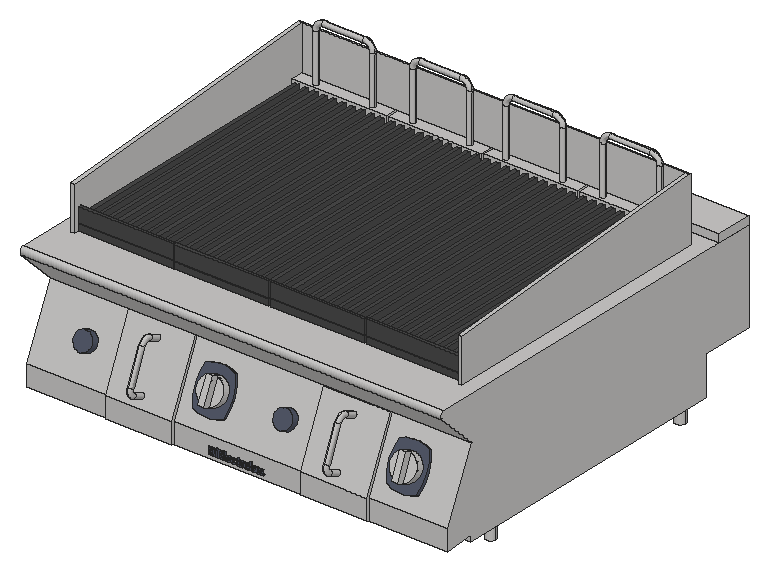
Revit family "QF_ELECTROLUXPROFESSIONAL_371244_E7GRTHGC0P", category Specialty Equipment, Revit 2018
Family settings
  Round Connector Dimension = Use Diameter
  Part Type = Normal
  Work Plane-Based = No
  Always vertical = Yes
  Cut with Voids When Loaded = No
  Shared = No
  Room Calculation Point = No
Parameters (values of type "Standard")
  Weight = 68.00 kg
  Watts = 0 W
  Volts = 0 V
  URL Manufacturer = "http://professional.electrolux.com"
  URL = "http://professional.electrolux.com"
  Steam Supply Size = 0"
  Steam Supply Minimum Pressure = 0.00 psi
  Steam Supply Maximum Pressure = 0.00 psi
  Steam Pounds per Hour = 0
  Show Logo [instance] = yes
  Show Clearance [instance] = yes
  Refrigeration Suction Line Size = 0 mm
  Refrigeration Liquid Line Size = 0 mm
  Refrigerant Compressor Remote = yes
  Phase = 0
  Model = "E7GRTHGC0P"
  Manufacturer = "Electrolux Professional"
  Length Actual = 800 mm  # constant formula
  Item Number = "371244"
  Hot Water Size = 0"
  Height Actual = 250 mm  # constant formula
  HP = "0 HP"
  Gas Size = 1/2"
  Gas KW = 14
  Gas Input Pressure = 0.316998 Btu/h
  Direct Waste Size = 0"
  Description = "GAS GRILL TOP HP 800 MM TOWN GAS"
  Depth Actual = 700 mm  # constant formula
  Cycle = 0 Hz
  Condensate Return Size = 0"
  Compressed Air Volume = 0 GPM
  Compressed Air Size = 0"
  Compressed Air Pressure = 0.00 psi
  Cold Water Size = 0"
  Assembly Code = ""
  Accessory = yes
Reference planes
  plane 1 "BACK": y = 0
  plane 2: z = 0
  plane 3 "LEFT": x = 0
  plane 4 "RIGHT": x = 800.1
  plane 5 "FRONT": y = -730.25
  plane 6 "TOP": z = 288.925
  plane 7 "Center Y": x = 400.05
  plane 8 "Center X": y = -365.125
  plane 9 "BASE": z = 23.813
  plane 10 "TOP A": z = 274.638
  plane 11: y = -597.884
  plane 12: y = -147.637
  plane 13: z = 423.9
Forms (mm)
  Extrusion 1, solid, material "QF_Finishes_Stainless Steel"
    sketch origin (0, 0, 0) x (0, 1, 0) y (0, 0, 1)
      loop
        line (0, 274.638) -> (-722.836, 274.638)
        arc (-722.836, 274.638) -> (-729.637, 270.094) -> (-728.041, 262.072) r 7.361
        line (-728.041, 262.072) -> (-657.416, 191.447) -> (-713.772, 69.003) -> (-713.772, 30.903) -> (-660.4, 36.513) -> (-660.4, 23.812) -> (-101.6, 23.812) -> (-101.6, 98.425) -> (0, 98.425) -> (0, 274.638)
    from 0 to 800.1
  Extrusion 2, solid, material "QF_Finishes_Stainless Steel"
    sketch origin (0, 0, 0) x (1, 0, 0) y (0, 1, 0)
      loop
        circle (11.112, -147.638) r 9.525
      loop
        circle (11.112, -597.884) r 9.525
      loop
        circle (788.987, -147.638) r 9.525
      loop
        circle (788.987, -597.884) r 9.525
    from 0 to 23.813
  Extrusion 3, solid, material "QF_Finishes_Stainless Steel"
    sketch origin (0, -101.6, 101.6) x (0, 0, -1) y (-1, 0, 0)
      loop
        circle (43.882, -747.712) r 6.35
    from 0 to 3.175
  Extrusion 4, solid, material "QF_Finishes_Clearance", visible <- "Show Clearance", detail levels coarse
    sketch origin (0, 0, 0) x (1, 0, 0) y (0, 1, 0)
      loop
        line (0, -730.25) -> (0, 0) -> (800.1, 0) -> (800.1, -730.25) -> (950.119, -730.25) -> (950.119, 150.019) -> (-150.019, 150.019) -> (-150.019, -730.25) -> (0, -730.25)
    from 0 to 396
  Extrusion 5, solid, material "QF_Finishes_Black"
    sketch origin (0, 0, 274.638) x (0, -1, 0) y (1, 0, 0)
      loop
        line (636.964, 36.625) -> (636.964, 216.737) -> (130.285, 216.737) -> (130.285, 36.625) -> (636.964, 36.625)
      loop
        line (130.285, 398.45) -> (130.285, 219.937) -> (636.964, 219.937) -> (636.964, 398.45) -> (130.285, 398.45)
      loop
        line (636.964, 763.475) -> (130.285, 763.475) -> (130.285, 583.363) -> (636.964, 583.363) -> (636.964, 763.475)
      loop
        line (130.285, 401.65) -> (636.964, 401.65) -> (636.964, 580.162) -> (130.285, 580.162) -> (130.285, 401.65)
    from 0 to 12.7
  Extrusion 6, solid, material "QF_Finishes_Stainless Steel"
    sketch origin (0, 0, 274.638) x (0, -1, 0) y (1, 0, 0)
      loop
        line (130.285, 36.625) -> (130.285, 216.737) -> (107.795, 216.737) -> (107.795, 36.625) -> (130.285, 36.625)
      loop
        line (130.285, 219.938) -> (130.285, 398.45) -> (107.795, 398.45) -> (107.795, 219.938) -> (130.285, 219.938)
      loop
        line (130.285, 763.475) -> (107.795, 763.475) -> (107.795, 583.363) -> (130.285, 583.363) -> (130.285, 763.475)
      loop
        line (130.285, 580.162) -> (107.795, 580.162) -> (107.795, 401.65) -> (130.285, 401.65) -> (130.285, 580.162)
    from 0 to 37.056
  Extrusion 7, solid, material "QF_Finishes_Navy Blue"
    sketch origin (603.031, -727.475, 39.231) x (0, 0.418102, 0.9084) y (-1, 0, 0)
      loop
        circle (98.862, 129.601) r 17.8
    from 0 to 12.7
  Extrusion 8, solid, material "QF_Finishes_Black"
    sketch origin (52.271, -631.964, 287.338) x (-0.153405, 0, 0.988163) y (-0.988163, 0, -0.153405)
      loop
        line (-23.661, -162.764) -> (3.778, -167.024) -> (31.408, 10.957) -> (3.969, 15.217) -> (-23.661, -162.764)
      loop
        line (-51.537, -342.325) -> (-24.098, -346.585) -> (3.287, -170.186) -> (-24.152, -165.926) -> (-51.537, -342.325)
      loop
        line (-79.413, -521.887) -> (-51.973, -526.147) -> (-24.588, -349.747) -> (-52.028, -345.487) -> (-79.413, -521.887)
      loop
        line (-107.534, -703.03) -> (-80.094, -707.289) -> (-52.464, -529.309) -> (-79.904, -525.049) -> (-107.534, -703.03)
    from 0 to 5
  Sweep 9, solid, material "QF_Finishes_Stainless Steel"
    path origin (3.75, -118.772, 30.903) x (0, 0, 1) y (-1, 0, 0)
      loop
        line (280.79, -69.374) -> (372.677, -69.374)
        arc (372.677, -69.374) -> (383.453, -73.837) -> (387.917, -84.614) r 15.24
        line (387.917, -84.614) -> (387.917, -162.056)
        arc (387.917, -162.056) -> (383.453, -172.833) -> (372.677, -177.296) r 15.24
        line (372.677, -177.296) -> (280.79, -177.296)
    profile origin (73.124, -118.772, 357.637) x (-1, 0, 0) y (0, -1, 0)
      loop
        circle (0, 0) r 4.572
  Extrusion 10, solid, material "QF_Finishes_Stainless Steel"
    sketch origin (151.15, 0, 0) x (0, 1, 0) y (0, 0, 1)
      loop
        line (-657.416, 191.447) -> (-660.323, 192.784) -> (-716.972, 69.704) -> (-716.972, 30.903) -> (-713.772, 30.903) -> (-713.772, 69.003) -> (-657.416, 191.447)
    from 0 to 127
  Sweep 11, solid, material "QF_Finishes_Stainless Steel"
    path origin (213.65, 0, 0) x (0, 1, 0) y (0, 0, 1)
      loop
        line (-670.615, 170.424) -> (-691.243, 179.918)
        arc (-691.243, 179.918) -> (-700.956, 180.294) -> (-708.09, 173.692) r 12.7
        line (-708.09, 173.692) -> (-735.638, 113.839)
        arc (-735.638, 113.839) -> (-736.013, 104.126) -> (-729.411, 96.993) r 12.7
        line (-729.411, 96.993) -> (-708.782, 87.498)
    profile origin (213.65, -680.929, 175.171) x (0, -0.418102, -0.9084) y (1, 0, 0)
      loop
        circle (0, 0) r 4.572
  Sweep 12, solid, material "QF_Finishes_Stainless Steel"
    path origin (176.963, -118.772, 30.903) x (0, 0, 1) y (-1, 0, 0)
      loop
        line (280.79, -80.474) -> (372.677, -80.474)
        arc (372.677, -80.474) -> (383.453, -84.937) -> (387.917, -95.714) r 15.24
        line (387.917, -95.714) -> (387.917, -173.156)
        arc (387.917, -173.156) -> (383.453, -183.933) -> (372.677, -188.396) r 15.24
        line (372.677, -188.396) -> (280.79, -188.396)
    profile origin (257.436, -118.772, 357.637) x (-1, 0, 0) y (0, -1, 0)
      loop
        circle (0, 0) r 4.572
  Extrusion 13, solid, material "QF_Finishes_Navy Blue"
    sketch origin (653.031, -727.475, 39.231) x (0, 0.418102, 0.9084) y (-1, 0, 0)
      loop
        circle (98.862, 559.801) r 17.8
    from 0 to 12.7
  Extrusion 14, solid, material "QF_Finishes_Stainless Steel"
    sketch origin (648.95, 0, 0) x (0, 1, 0) y (0, 0, -1)
      loop
        line (-657.416, -191.447) -> (-713.772, -69.003) -> (-713.772, -30.903) -> (-716.972, -30.903) -> (-716.972, -69.704) -> (-660.323, -192.784) -> (-657.416, -191.447)
    from 0 to 127
  Sweep 15, solid, material "QF_Finishes_Stainless Steel"
    path origin (586.45, 0, 0) x (0, 1, 0) y (0, 0, -1)
      loop
        line (-670.615, -170.424) -> (-691.243, -179.918)
        arc (-691.243, -179.918) -> (-700.956, -180.294) -> (-708.09, -173.692) r 12.7
        line (-708.09, -173.692) -> (-735.638, -113.839)
        arc (-735.638, -113.839) -> (-736.013, -104.126) -> (-729.411, -96.993) r 12.7
        line (-729.411, -96.993) -> (-708.782, -87.498)
    profile origin (586.45, -680.929, 175.171) x (0, 0.418102, 0.9084) y (-1, 0, 0)
      loop
        circle (0, 0) r 4.572
  Extrusion 16, solid, material "QF_Finishes_Drawer Clearance", visible <- "Show Clearance", detail levels coarse
    sketch origin (151.15, 0, 0) x (0, 1, 0) y (0, 0, 1)
      loop
        line (-660.323, 192.784) -> (-1316.538, 192.784) -> (-1373.188, 69.704) -> (-1373.188, 30.903) -> (-716.972, 30.903) -> (-716.972, 69.704) -> (-660.323, 192.784)
    from 0 to 127
  Extrusion 17, solid, material "QF_Finishes_Drawer Clearance", visible <- "Show Clearance", detail levels coarse
    sketch origin (521.95, 0, 0) x (0, 1, 0) y (0, 0, 1)
      loop
        line (-660.323, 192.784) -> (-1316.538, 192.784) -> (-1373.188, 69.704) -> (-1373.188, 30.903) -> (-716.972, 30.903) -> (-716.972, 69.704) -> (-660.323, 192.784)
    from 0 to 127
  Extrusion 18, solid, material "QF_Finishes_Stainless Steel"
    sketch origin (35.025, -104.885, 396) x (0, -1, 0) y (0, 0, -1)
      loop
        line (0, 0) -> (540, 38.857) -> (540, 121.362) -> (0, 121.363) -> (0, 0)
    from 0 to -6.35
  Extrusion 19, solid, material "QF_Finishes_Stainless Steel"
    sketch origin (765.075, -104.885, 396) x (0, -1, 0) y (0, 0, 1)
      loop
        line (0, 0) -> (0, -121.363) -> (540, -121.362) -> (540, -38.857) -> (0, 0)
    from 0 to -6.35
  Extrusion 20, solid, material "QF_Finishes_Stainless Steel"
    sketch origin (35.025, -104.885, 274.638) x (0, 0, 1) y (1, 0, 0)
      loop
        line (0, -6.35) -> (121.363, -6.35) -> (121.363, 736.4) -> (0, 736.4) -> (0, -6.35)
    from 0 to 3.2
  Extrusion 21, solid, material "QF_Finishes_Navy Blue"
    sketch origin (-203.02, -713.772, 69.003) x (0, 0.418102, 0.9084) y (-1, 0, 0)
      loop
        arc (102.623, -510.47) -> (67.041, -502.846) -> (31.333, -509.853) r 90.5
        arc (31.333, -509.853) -> (24.507, -539.04) -> (31.333, -568.228) r 65.817
        arc (31.333, -568.228) -> (67.04, -575.188) -> (102.623, -567.615) r 91.066
        arc (102.623, -567.615) -> (109.179, -539.043) -> (102.623, -510.47) r 65.546
    from 0 to 3.175
  Extrusion 22, solid, material "QF_Finishes_Stainless Steel"
    sketch origin (175.73, -717.485, 68.529) x (0, 0.418102, 0.9084) y (-1, 0, 0)
      loop
        circle (68.826, -160.963) r 25.4
    from 0 to 12.7
  Extrusion 23, solid, material "QF_Finishes_Stainless Steel"
    sketch origin (175.73, -729.022, 73.839) x (0, 0.418102, 0.9084) y (-1, 0, 0)
      loop
        arc (93.558, -166.749) -> (94.226, -160.963) -> (93.558, -155.177) r 25.4
        line (93.558, -155.177) -> (44.094, -155.177)
        arc (44.094, -155.177) -> (43.426, -160.963) -> (44.094, -166.749) r 25.4
        line (44.094, -166.749) -> (93.558, -166.749)
    from 0 to 12.7
  Extrusion 24, solid, material "QF_Finishes_Stainless Steel"
    sketch origin (543.994, -717.485, 68.529) x (0, 0.418102, 0.9084) y (-1, 0, 0)
      loop
        circle (68.826, -160.963) r 25.4
    from 0 to 12.7
  Extrusion 25, solid, material "QF_Finishes_Stainless Steel"
    sketch origin (543.994, -729.022, 73.839) x (0, 0.418102, 0.9084) y (-1, 0, 0)
      loop
        arc (93.558, -166.749) -> (94.226, -160.963) -> (93.558, -155.177) r 25.4
        line (93.558, -155.177) -> (44.094, -155.177)
        arc (44.094, -155.177) -> (43.426, -160.963) -> (44.094, -166.749) r 25.4
        line (44.094, -166.749) -> (93.558, -166.749)
    from 0 to 12.7
  Extrusion 26, solid, material "QF_Finishes_Navy Blue", visible <- "Show Logo"
    sketch origin (58.349, -713.772, 30.903) x (0, 0, 1) y (-1, 0, 0)
      loop
        line (20.674, -296.698) -> (8.307, -296.698)
        arc (8.307, -296.698) -> (14.491, -301.27) -> (20.674, -296.698) r 6.467
      loop
        arc (20.674, -296.069) -> (19.505, -290.926) -> (14.849, -288.448) r 6.338
        line (14.849, -288.448) -> (14.849, -290.494)
        arc (14.849, -290.494) -> (16.333, -294.149) -> (19.778, -296.069) r 5.941
        line (19.778, -296.069) -> (20.674, -296.069)
      loop
        arc (9.203, -296.069) -> (12.648, -294.149) -> (14.132, -290.494) r 5.941
        line (14.132, -290.494) -> (14.132, -288.448)
        arc (14.132, -288.448) -> (9.438, -290.922) -> (8.148, -296.069) r 6.504
        line (8.148, -296.069) -> (9.203, -296.069)
      loop
        line (21.349, -287.979) -> (7.604, -287.979) -> (7.604, -301.742) -> (21.349, -301.742) -> (21.349, -287.979)
      loop
        arc (21.432, -304.71) -> (21.085, -304.352) -> (20.718, -304.69) r 0.358
        arc (20.718, -304.69) -> (20.404, -305.44) -> (19.687, -305.825) r 1.216
        line (19.687, -305.825) -> (9.274, -305.825)
        arc (9.274, -305.825) -> (8.614, -305.548) -> (8.218, -304.951) r 1.238
        arc (8.218, -304.951) -> (7.823, -304.7) -> (7.518, -305.054) r 0.358
        line (7.518, -305.054) -> (7.518, -314.933) -> (10.269, -314.933) -> (10.269, -314.036)
        arc (10.269, -314.036) -> (9.36, -313.456) -> (8.904, -312.479) r 1.928
        line (8.904, -312.479) -> (8.904, -309.98)
        arc (8.904, -309.98) -> (9.18, -309.251) -> (9.868, -308.887) r 1.101
        line (9.868, -308.887) -> (13.955, -308.887) -> (13.955, -312.561)
        arc (13.955, -312.561) -> (13.602, -313.058) -> (13.037, -313.286) r 1.083
        arc (13.037, -313.286) -> (12.773, -313.591) -> (13.065, -313.869) r 0.292
        line (13.065, -313.869) -> (16.028, -313.869)
        arc (16.028, -313.869) -> (16.33, -313.596) -> (16.092, -313.266) r 0.305
        arc (16.092, -313.266) -> (15.601, -313.018) -> (15.296, -312.561) r 1.083
        line (15.296, -312.561) -> (15.296, -308.887) -> (19.973, -308.887) -> (19.973, -312.635)
        arc (19.973, -312.635) -> (19.759, -313.39) -> (19.153, -313.888) r 1.314
        arc (19.153, -313.888) -> (18.934, -314.292) -> (19.288, -314.585) r 0.361
        line (19.288, -314.585) -> (21.432, -314.585) -> (21.432, -304.71)
      loop
        arc (20.715, -315.365) -> (20.335, -316.284) -> (19.416, -316.664) r 1.299
        line (19.416, -316.664) -> (9.837, -316.664)
        arc (9.837, -316.664) -> (8.999, -316.286) -> (8.728, -315.408) r 1.118
        line (8.728, -315.408) -> (7.518, -315.408) -> (7.518, -320.758) -> (8.706, -320.758)
        arc (8.706, -320.758) -> (8.978, -319.841) -> (9.848, -319.445) r 1.153
        line (9.848, -319.445) -> (21.92, -319.445) -> (20.715, -315.365)
      loop
        line (12.483, -323.394) -> (12.483, -329.842) -> (13.282, -329.842)
        arc (13.282, -329.842) -> (15.862, -328.857) -> (17.131, -326.404) r 3.874
        line (17.131, -326.404) -> (17.131, -324.643)
        arc (17.131, -324.643) -> (15.944, -321.778) -> (13.08, -320.592) r 4.051
        line (13.08, -320.592) -> (11.072, -320.592)
        arc (11.072, -320.592) -> (8.253, -322.077) -> (7.202, -325.084) r 4.352
        arc (7.202, -325.084) -> (7.566, -327.547) -> (8.943, -329.621) r 5.713
        line (8.943, -329.621) -> (9.892, -329.621)
        arc (9.892, -329.621) -> (9.16, -328.052) -> (8.943, -326.334) r 5.579
        arc (8.943, -326.334) -> (9.737, -324.371) -> (11.616, -323.394) r 3.057
        line (11.616, -323.394) -> (12.483, -323.394)
      loop
        line (13.742, -323.394) -> (13.742, -326.977)
        arc (13.742, -326.977) -> (15.199, -327.024) -> (16.082, -325.864) r 1.59
        line (16.082, -325.864) -> (16.082, -325.034)
        arc (16.082, -325.034) -> (15.217, -323.779) -> (13.742, -323.394) r 2.184
      loop
        arc (16.533, -339.259) -> (17.022, -337.585) -> (17.179, -335.848) r 9.023
        line (17.179, -335.848) -> (17.179, -334.486)
        arc (17.179, -334.486) -> (16.02, -331.686) -> (13.22, -330.527) r 3.959
        line (13.22, -330.527) -> (10.62, -330.527)
        arc (10.62, -330.527) -> (8.338, -331.819) -> (7.221, -334.192) r 4.331
        line (7.221, -334.192) -> (7.221, -336.327)
        arc (7.221, -336.327) -> (7.729, -337.877) -> (8.651, -339.223) r 5.772
        arc (8.651, -339.223) -> (9.412, -339.274) -> (9.499, -338.515) r 0.553
        arc (9.499, -338.515) -> (9.111, -337.781) -> (8.977, -336.962) r 2.573
        line (8.977, -336.962) -> (8.977, -335.447)
        arc (8.977, -335.447) -> (9.983, -333.806) -> (11.798, -333.163) r 2.884
        line (11.798, -333.163) -> (13.077, -333.163)
        arc (13.077, -333.163) -> (14.898, -333.723) -> (15.824, -335.388) r 2.554
        line (15.824, -335.388) -> (15.824, -336.441)
        arc (15.824, -336.441) -> (15.493, -337.369) -> (14.836, -338.104) r 2.564
        arc (14.836, -338.104) -> (14.614, -338.821) -> (15.223, -339.259) r 0.643
        line (15.223, -339.259) -> (16.533, -339.259)
      loop
        line (15.515, -339.53) -> (15.515, -341.031) -> (9.467, -341.031)
        arc (9.467, -341.031) -> (7.879, -341.688) -> (7.221, -343.276) r 2.246
        line (7.221, -343.276) -> (7.221, -344.86)
        arc (7.221, -344.86) -> (7.535, -345.725) -> (8.035, -346.496) r 4.06
        arc (8.035, -346.496) -> (8.768, -346.629) -> (9.019, -345.928) r 0.576
        arc (9.019, -345.928) -> (8.913, -345.403) -> (8.977, -344.87) r 1.69
        arc (8.977, -344.87) -> (9.519, -344.082) -> (10.425, -343.779) r 1.506
        line (10.425, -343.779) -> (15.563, -343.779) -> (15.563, -346.176) -> (16.119, -346.733) -> (16.941, -346.733) -> (16.941, -343.873) -> (20.172, -343.873) -> (15.515, -339.53)
      loop
        line (7.438, -347.63) -> (7.438, -353.017) -> (8.548, -353.017)
        arc (8.548, -353.017) -> (8.942, -352.066) -> (9.893, -351.672) r 1.345
        line (9.893, -351.672) -> (13.509, -351.672)
        arc (13.509, -351.672) -> (14.274, -352.264) -> (14.564, -353.186) r 1.615
        line (14.564, -353.186) -> (14.564, -354.742) -> (17.119, -355.427) -> (17.119, -354.044) -> (15.177, -351.485) -> (17.057, -351.485) -> (16.773, -348.779)
        arc (16.773, -348.779) -> (16.333, -348.249) -> (15.674, -348.45) r 0.621
        arc (15.674, -348.45) -> (15.274, -348.792) -> (14.78, -348.975) r 1.501
        line (14.78, -348.975) -> (9.893, -348.975)
        arc (9.893, -348.975) -> (8.942, -348.581) -> (8.548, -347.63) r 1.345
        line (8.548, -347.63) -> (7.438, -347.63)
      loop
        line (13.54, -354.964) -> (10.848, -354.964)
        arc (10.848, -354.964) -> (8.403, -356.272) -> (7.269, -358.803) r 4.288
        arc (7.269, -358.803) -> (7.205, -360.183) -> (7.269, -361.563) r 15.022
        arc (7.269, -361.563) -> (8.403, -364.094) -> (10.848, -365.401) r 4.288
        line (10.848, -365.401) -> (13.54, -365.401)
        arc (13.54, -365.401) -> (15.986, -364.094) -> (17.119, -361.563) r 4.288
        arc (17.119, -361.563) -> (17.183, -360.183) -> (17.119, -358.803) r 15.022
        arc (17.119, -358.803) -> (15.986, -356.272) -> (13.54, -354.964) r 4.288
      loop
        line (13.745, -358.078) -> (10.643, -358.078)
        arc (10.643, -358.078) -> (8.486, -360.235) -> (10.643, -362.392) r 2.157
        line (10.643, -362.392) -> (13.745, -362.392)
        arc (13.745, -362.392) -> (15.902, -360.235) -> (13.745, -358.078) r 2.157
      loop
        arc (20.726, -365.26) -> (20.355, -366.154) -> (19.461, -366.524) r 1.264
        line (19.461, -366.524) -> (9.597, -366.524)
        arc (9.597, -366.524) -> (8.727, -366.127) -> (8.455, -365.211) r 1.153
        line (8.455, -365.211) -> (7.518, -365.211) -> (7.518, -370.319) -> (8.446, -370.319)
        arc (8.446, -370.319) -> (8.805, -369.547) -> (9.597, -369.232) r 1.153
        line (9.597, -369.232) -> (21.92, -369.232) -> (20.726, -365.26)
      loop
        arc (15.846, -369.857) -> (15.647, -370.921) -> (14.678, -371.403) r 1.215
        line (14.678, -371.403) -> (9.658, -371.403)
        arc (9.658, -371.403) -> (8.043, -372.051) -> (7.322, -373.634) r 2.338
        line (7.322, -373.634) -> (7.322, -375.148)
        arc (7.322, -375.148) -> (7.497, -376.152) -> (7.999, -377.038) r 2.979
        line (7.999, -377.038) -> (7.518, -378.835) -> (7.518, -380.524) -> (16.943, -380.524) -> (16.649, -376.32) -> (15.863, -376.32)
        arc (15.863, -376.32) -> (15.507, -377.156) -> (14.755, -377.665) r 1.605
        line (14.755, -377.665) -> (9.652, -377.665)
        arc (9.652, -377.665) -> (9.232, -376.728) -> (9.159, -375.704) r 2.94
        arc (9.159, -375.704) -> (9.72, -374.603) -> (10.873, -374.16) r 1.724
        line (10.873, -374.16) -> (17.07, -374.16) -> (15.846, -369.857)
      loop
        line (16.874, -381.377) -> (15.202, -383.423) -> (12.028, -385.729) -> (8.572, -382.617)
        arc (8.572, -382.617) -> (8.335, -382.223) -> (8.357, -381.764) r 0.789
        line (8.357, -381.764) -> (7.518, -381.764) -> (7.518, -385.309) -> (8.344, -385.309)
        arc (8.344, -385.309) -> (8.686, -384.947) -> (9.176, -385.039) r 0.52
        line (9.176, -385.039) -> (10.976, -386.51) -> (8.858, -387.886)
        arc (8.858, -387.886) -> (8.457, -387.576) -> (8.37, -387.076) r 0.7
        line (8.37, -387.076) -> (7.518, -387.076) -> (7.518, -393.003) -> (8.405, -393.003)
        arc (8.405, -393.003) -> (8.472, -392.344) -> (8.866, -391.813) r 1.247
        line (8.866, -391.813) -> (13.066, -388.532) -> (15.513, -390.585) -> (16.874, -392.327) -> (16.874, -388.604) -> (15.389, -389.026) -> (13.868, -387.749) -> (15.568, -386.559) -> (16.874, -387.336) -> (16.874, -381.377)
    from 0 to 1.644
  Extrusion 27, solid, material "QF_Finishes_Navy Blue"
    sketch origin (165.244, -713.772, 69.003) x (0, 0.418102, 0.9084) y (-1, 0, 0)
      loop
        arc (102.623, -510.47) -> (67.041, -502.846) -> (31.333, -509.853) r 90.5
        arc (31.333, -509.853) -> (24.507, -539.04) -> (31.333, -568.228) r 65.817
        arc (31.333, -568.228) -> (67.04, -575.188) -> (102.623, -567.615) r 91.066
        arc (102.623, -567.615) -> (109.179, -539.043) -> (102.623, -510.47) r 65.546
    from 0 to 3.175
  Sweep 28, solid, material "QF_Finishes_Stainless Steel"
    path origin (796.35, -118.772, 30.903) x (0, 0, 1) y (-1, 0, 0)
      loop
        line (280.79, 69.374) -> (372.677, 69.374)
        arc (372.677, 69.374) -> (383.453, 73.837) -> (387.917, 84.614) r 15.24
        line (387.917, 84.614) -> (387.917, 162.056)
        arc (387.917, 162.056) -> (383.453, 172.833) -> (372.677, 177.296) r 15.24
        line (372.677, 177.296) -> (280.79, 177.296)
    profile origin (726.976, -118.772, 357.637) x (-1, 0, 0) y (0, -1, 0)
      loop
        circle (0, 0) r 4.572
  Sweep 29, solid, material "QF_Finishes_Stainless Steel"
    path origin (623.137, -118.772, 30.903) x (0, 0, 1) y (-1, 0, 0)
      loop
        line (280.79, 80.474) -> (372.677, 80.474)
        arc (372.677, 80.474) -> (383.453, 84.937) -> (387.917, 95.714) r 15.24
        line (387.917, 95.714) -> (387.917, 173.156)
        arc (387.917, 173.156) -> (383.453, 183.933) -> (372.677, 188.396) r 15.24
        line (372.677, 188.396) -> (280.79, 188.396)
    profile origin (542.664, -118.772, 357.637) x (-1, 0, 0) y (0, -1, 0)
      loop
        circle (0, 0) r 4.572
  Extrusion 30, solid, material "QF_Finishes_Stainless Steel"
    sketch origin (0, 0, 274.638) x (0, -1, 0) y (1, 0, 0)
      loop
        line (0, 800.1) -> (0, 0) -> (69.85, 0) -> (69.85, 800.1) -> (0, 800.1)
    from 0 to 14.3
Cuts and joins
  joined: Extrusion 18, Extrusion 19, Extrusion 20
Lines and regions (mm)
  Split face 1
    outline origin (-203.02, -716.656, 70.33) x (0, 0.418102, 0.9084) y (-1, 0, 0)
      loop
        arc (67.041, -503.158) -> (48.669, -506.69) -> (35.363, -519.842) r 32.191
        line (35.363, -519.842) -> (45.047, -525.087)
        arc (45.047, -525.087) -> (54.648, -516.737) -> (67.041, -513.859) r 26.351
        line (67.041, -513.859) -> (67.041, -503.158)
  Split face 2
    outline origin (-203.02, -716.656, 70.33) x (0, 0.418102, 0.9084) y (-1, 0, 0)
      loop
        line (44.251, -526.293) -> (34.615, -521.075)
        arc (34.615, -521.075) -> (41.047, -560.592) -> (81.049, -562.261) r 31.684
        arc (81.049, -562.261) -> (48.21, -559.05) -> (44.251, -526.293) r 26.351
  Split face 3
    outline origin (165.244, -716.656, 70.33) x (0, 0.418102, 0.9084) y (-1, 0, 0)
      loop
        arc (67.041, -503.158) -> (48.669, -506.69) -> (35.363, -519.842) r 32.191
        line (35.363, -519.842) -> (45.047, -525.087)
        arc (45.047, -525.087) -> (54.648, -516.737) -> (67.041, -513.859) r 26.351
        line (67.041, -513.859) -> (67.041, -503.158)
  Split face 4
    outline origin (165.244, -716.656, 70.33) x (0, 0.418102, 0.9084) y (-1, 0, 0)
      loop
        line (44.251, -526.293) -> (34.615, -521.075)
        arc (34.615, -521.075) -> (41.047, -560.592) -> (81.049, -562.261) r 31.684
        arc (81.049, -562.261) -> (48.21, -559.05) -> (44.251, -526.293) r 26.351
  symbolic lines, style "QF-Clearances", visible <- "Show Clearance", detail levels coarse
    curve 1: line (950.119, 150.019, 274.638) -> (-150.019, 150.019, 274.638)
    curve 2: line (950.119, -730.25, 274.638) -> (950.119, 150.019, 274.638)
    curve 3: line (-150.019, 150.019, 274.638) -> (-150.019, -730.25, 274.638)
    curve 4: line (692.244, 150.019, 274.638) -> (-150.019, 150.019, 274.638)
  symbolic lines
    curve 5: line (0, -730.25, 274.638) -> (0, 0, 274.638)
    curve 6: line (800.1, 0, 274.638) -> (800.1, -730.25, 274.638)
    curve 7: line (35.025, -104.885, 274.638) -> (35.025, -644.885, 274.638)
    curve 8: line (28.675, -644.885, 274.638) -> (35.025, -644.885, 274.638)
    curve 9: line (765.075, -644.885, 274.638) -> (765.075, -104.885, 274.638)
    curve 10: line (765.075, -104.885, 274.638) -> (35.025, -104.885, 274.638)
    curve 11: line (0, -69.85, 274.638) -> (800.1, -69.85, 274.638)
    curve 12: line (28.675, -98.535, 274.638) -> (28.675, -644.885, 274.638)
    curve 13: line (28.675, -98.535, 274.638) -> (771.425, -98.535, 274.638)
    curve 14: line (771.425, -98.535, 274.638) -> (771.425, -644.885, 274.638)
    curve 15: line (765.075, -644.885, 274.638) -> (771.425, -644.885, 274.638)
    curve 16: line (800.1, -730.25, 274.638) -> (0, -730.25, 274.638)
    curve 17: line (36.625, -107.795, 274.638) -> (216.737, -107.795, 274.638)
    curve 18: line (36.625, -636.964, 274.638) -> (36.625, -107.795, 274.638)
    curve 19: line (216.737, -130.285, 274.638) -> (36.625, -130.285, 274.638)
    curve 20: line (216.737, -107.795, 274.638) -> (216.737, -636.964, 274.638)
    curve 24: line (219.938, -107.795, 274.638) -> (398.45, -107.795, 274.638)
    curve 25: line (219.938, -636.964, 274.638) -> (219.938, -107.795, 274.638)
    curve 26: line (398.45, -130.285, 274.638) -> (219.938, -130.285, 274.638)
    curve 27: line (398.45, -107.795, 274.638) -> (398.45, -636.964, 274.638)
    curve 28: line (401.65, -107.795, 274.638) -> (580.162, -107.795, 274.638)
    curve 29: line (401.65, -636.964, 274.638) -> (401.65, -107.795, 274.638)
    curve 30: line (580.162, -130.285, 274.638) -> (401.65, -130.285, 274.638)
    curve 31: line (580.162, -107.795, 274.638) -> (580.162, -636.964, 274.638)
    curve 32: line (583.363, -107.795, 274.638) -> (763.475, -107.795, 274.638)
    curve 33: line (583.363, -636.964, 274.638) -> (583.363, -107.795, 274.638)
    curve 34: line (763.475, -130.285, 274.638) -> (583.363, -130.285, 274.638)
    curve 35: line (763.475, -107.795, 274.638) -> (763.475, -636.964, 274.638)
    curve 39: line (72.974, -114.2, 274.638) -> (180.896, -114.2, 274.638)
    curve 40: line (180.896, -123.344, 274.638) -> (72.974, -123.344, 274.638)
    curve 41: arc (72.974, -114.2, 274.638) -> (68.402, -118.772, 274.638) -> (72.974, -123.344, 274.638) r 4.572
    curve 42: arc (180.896, -114.2, 274.638) -> (185.468, -118.772, 274.638) -> (180.896, -123.344, 274.638) r 4.572
    curve 43: line (257.436, -114.2, 274.638) -> (365.359, -114.2, 274.638)
    curve 44: line (365.359, -123.344, 274.638) -> (257.436, -123.344, 274.638)
    curve 45: arc (257.436, -114.2, 274.638) -> (252.864, -118.772, 274.638) -> (257.436, -123.344, 274.638) r 4.572
    curve 46: arc (365.359, -114.2, 274.638) -> (369.931, -118.772, 274.638) -> (365.359, -123.344, 274.638) r 4.572
    curve 47: line (583.363, -636.964, 274.638) -> (763.475, -636.964, 274.638)
    curve 48: line (401.65, -636.964, 274.638) -> (580.162, -636.964, 274.638)
    curve 49: line (219.938, -636.964, 274.638) -> (398.45, -636.964, 274.638)
    curve 50: line (36.625, -636.964, 274.638) -> (216.737, -636.964, 274.638)
    curve 51: line (727.126, -114.2, 274.638) -> (619.204, -114.2, 274.638)
    curve 52: line (619.204, -123.344, 274.638) -> (727.126, -123.344, 274.638)
    curve 53: arc (727.126, -114.2, 274.638) -> (731.698, -118.772, 274.638) -> (727.126, -123.344, 274.638) r 4.572
    curve 54: arc (619.204, -114.2, 274.638) -> (614.632, -118.772, 274.638) -> (619.204, -123.344, 274.638) r 4.572
    curve 55: line (542.664, -114.2, 274.638) -> (434.741, -114.2, 274.638)
    curve 56: line (434.741, -123.344, 274.638) -> (542.664, -123.344, 274.638)
    curve 57: arc (542.664, -114.2, 274.638) -> (547.236, -118.772, 274.638) -> (542.664, -123.344, 274.638) r 4.572
    curve 58: arc (434.741, -114.2, 274.638) -> (430.169, -118.772, 274.638) -> (434.741, -123.344, 274.638) r 4.572
    curve 59: line (0, 0, 274.638) -> (800.1, 0, 274.638)
    curve 60: line (0, -69.85, 274.638) -> (800.1, -69.85, 274.638)
    curve 61: line (0, 0, 274.638) -> (800.1, 0, 274.638)
    curve 62: line (216.737, -631.964, 0) -> (36.625, -631.964, 0)
    curve 63: line (219.938, -631.964, 274.638) -> (398.45, -631.964, 274.638)
    curve 64: line (583.363, -631.964, 274.638) -> (763.475, -631.964, 274.638)
    curve 65: line (401.65, -631.964, 274.638) -> (580.162, -631.964, 274.638)
  symbolic lines, style "QF_Drawer Clearance"
    curve 21: line (151.15, -730.25, 274.638) -> (151.15, -1373.188, 274.638)
    curve 22: line (151.15, -1373.188, 274.638) -> (278.15, -1373.188, 274.638)
    curve 23: line (278.15, -1373.188, 274.638) -> (278.15, -730.25, 274.638)
    curve 36: line (521.95, -730.25, 274.638) -> (521.95, -1373.188, 274.638)
    curve 37: line (521.95, -1373.188, 274.638) -> (648.95, -1373.188, 274.638)
    curve 38: line (648.95, -1373.188, 274.638) -> (648.95, -730.25, 274.638)
Dimensions and locks
  equal spacing: plane 3 "LEFT", plane 7 "Center Y", plane 4 "RIGHT"
  plane 3 "LEFT" to plane 4 "RIGHT" = 800.1 mm
  equal spacing: plane 5 "FRONT", plane 8 "Center X", plane 1 "BACK"
  plane 5 "FRONT" to plane 1 "BACK" = 730.25 mm
  plane 1 "BACK" to plane 5 "FRONT" = 730.25 mm
  plane 9 "BASE" to level = 23.812 mm
  locked: plane 10 "TOP A" to plane 9 "BASE" at 250.825
  plane 10 "TOP A" to plane 9 "BASE" = 250.825 mm
  plane 9 "BASE" to level = 23.813 mm
  plane 4 "RIGHT" to Extrusion 3 sketch curve = 52.388 mm
  equal spacing: group 1, group 3, group 4, group 5, group 6, group 7, group 8, group 9, group 10, group 2  (x3)
  plane 13 to level = 423.9 mm
  aligned and locked: level to plane 2
  aligned and locked: plane 4 "RIGHT" to Extrusion 1
Automatic sketch dimensions
  Extrusion 1 sketch curve to plane 10 "TOP A" = 0 mm
  Extrusion 1 sketch curve to plane 9 "BASE" = 0 mm
  Extrusion 1 sketch curve to plane 1 "BACK" = 0 mm
  Extrusion 1 sketch curve to plane 12 = 46.038 mm
  plane 11 to Extrusion 1 sketch curve = 59.531 mm
  plane 9 "BASE" to Extrusion 1 sketch curve = 12.7 mm
  plane 11 to Extrusion 1 sketch curve = 62.516 mm
  Extrusion 1 sketch curve to plane 5 "FRONT" = 16.478 mm
  Extrusion 1 sketch curve to plane 5 "FRONT" = 7.414 mm
  Extrusion 1 sketch curve to plane 5 "FRONT" = 2.209 mm
  plane 9 "BASE" to Extrusion 1 sketch curve = 7.09 mm
  Extrusion 1 sketch curve to Extrusion 1 sketch curve = 38.1 mm
  plane 9 "BASE" to Extrusion 1 sketch curve = 74.612 mm
  Extrusion 1 sketch curve to plane 10 "TOP A" = 83.191 mm
  Extrusion 1 sketch curve to plane 10 "TOP A" = 12.566 mm
  nested 1 to Extrusion 8 sketch curve = 703.03 mm
  Extrusion 8 sketch curve to nested 1 = 1.587 mm
  nested 1 to Extrusion 8 sketch curve = 525.049 mm
  Extrusion 8 sketch curve to Extrusion 8 sketch curve = 27.63 mm  (x2)
  nested 1 to Extrusion 8 sketch curve = 521.887 mm
  Extrusion 8 sketch curve to Extrusion 8 sketch curve = 0.491 mm  (x3)
  nested 1 to Extrusion 8 sketch curve = 707.289 mm
  nested 1 to Extrusion 8 sketch curve = 345.487 mm
  Extrusion 8 sketch curve to Extrusion 8 sketch curve = 27.385 mm  (x2)
  nested 1 to Extrusion 8 sketch curve = 342.325 mm
  nested 1 to Extrusion 8 sketch curve = 526.147 mm
  nested 1 to Extrusion 8 sketch curve = 165.926 mm
  nested 1 to Extrusion 8 sketch curve = 162.764 mm
  nested 1 to Extrusion 8 sketch curve = 346.585 mm
  Extrusion 8 sketch curve to nested 1 = 15.217 mm
  nested 1 to Extrusion 8 sketch curve = 167.024 mm
  plane 6 "TOP" to Sweep 9 sketch curve = 22.768 mm  (x2)
  plane 13 to Sweep 9 sketch curve = 20.32 mm  (x2)
  plane 13 to Sweep 9 sketch curve = 5.08 mm
  plane 3 "LEFT" to Sweep 9 sketch curve = 181.046 mm
  Sweep 9 sketch curve to Sweep 9 sketch curve = 77.443 mm
  Sweep 9 sketch curve to profile plane = 0 mm
  profile plane to Sweep 9 sketch curve = 0 mm
  Extrusion 10 sketch curve to plane 5 "FRONT" = 13.278 mm
  Extrusion 10 sketch curve to Extrusion 10 sketch curve = 3.2 mm
  plane 11 to Extrusion 10 sketch curve = 62.438 mm
  Extrusion 10 sketch curve to Extrusion 10 sketch curve = 2.907 mm
  plane 9 "BASE" to Extrusion 10 sketch curve = 7.09 mm
  Extrusion 10 sketch curve to Extrusion 10 sketch curve = 38.1 mm
  Extrusion 10 sketch curve to Extrusion 10 sketch curve = 0.701 mm
  plane 5 "FRONT" to Sweep 11 sketch curve = 5.388 mm
  Sweep 11 sketch curve to plane 5 "FRONT" = 0.839 mm
  Sweep 11 sketch curve to plane 5 "FRONT" = 6.149 mm
  Sweep 11 sketch curve to plane 5 "FRONT" = 21.468 mm
  Sweep 11 sketch curve to plane 5 "FRONT" = 22.16 mm
  Sweep 11 sketch curve to Sweep 11 sketch curve = 11.537 mm  (x2)
  Sweep 11 sketch curve to Sweep 11 sketch curve = 5.31 mm  (x2)
  Sweep 11 sketch curve to Sweep 11 sketch curve = 20.629 mm
  plane 9 "BASE" to Sweep 11 sketch curve = 63.686 mm
  Sweep 11 sketch curve to Sweep 11 sketch curve = 9.495 mm
  Sweep 11 sketch curve to Sweep 11 sketch curve = 59.852 mm
  Sweep 11 sketch curve to Sweep 11 sketch curve = 2.042 mm
  Sweep 11 sketch curve to profile plane = 0 mm  (x2)
  plane 6 "TOP" to Sweep 12 sketch curve = 22.768 mm  (x2)
  plane 13 to Sweep 12 sketch curve = 20.32 mm  (x2)
  plane 13 to Sweep 12 sketch curve = 5.08 mm
  Sweep 12 sketch curve to plane 7 "Center Y" = 34.691 mm
  Sweep 12 sketch curve to Sweep 12 sketch curve = 77.443 mm
  Sweep 12 sketch curve to profile plane = 0 mm
  profile plane to Sweep 12 sketch curve = 0 mm
  Extrusion 14 sketch curve to plane 5 "FRONT" = 13.278 mm
  Extrusion 14 sketch curve to Extrusion 14 sketch curve = 3.2 mm
  plane 11 to Extrusion 14 sketch curve = 62.438 mm
  Extrusion 14 sketch curve to Extrusion 14 sketch curve = 2.907 mm
  Extrusion 14 sketch curve to plane 10 "TOP A" = 81.853 mm
  Extrusion 14 sketch curve to Extrusion 14 sketch curve = 1.338 mm
  plane 9 "BASE" to Extrusion 14 sketch curve = 7.09 mm
  plane 5 "FRONT" to Sweep 15 sketch curve = 5.388 mm
  Sweep 15 sketch curve to plane 5 "FRONT" = 0.839 mm
  Sweep 15 sketch curve to plane 5 "FRONT" = 6.149 mm
  Sweep 15 sketch curve to plane 5 "FRONT" = 21.468 mm
  Sweep 15 sketch curve to plane 5 "FRONT" = 22.16 mm
  Sweep 15 sketch curve to Sweep 15 sketch curve = 11.537 mm
  Sweep 15 sketch curve to Sweep 15 sketch curve = 5.31 mm  (x2)
  Sweep 15 sketch curve to Sweep 15 sketch curve = 20.629 mm
  Sweep 15 sketch curve to plane 10 "TOP A" = 94.719 mm
  Sweep 15 sketch curve to Sweep 15 sketch curve = 6.227 mm
  Sweep 15 sketch curve to Sweep 15 sketch curve = 9.495 mm  (x2)
  Sweep 15 sketch curve to Sweep 15 sketch curve = 59.852 mm
  profile plane to Sweep 15 sketch curve = 0 mm
  Sweep 15 sketch curve to profile plane = 0 mm
  plane 9 "BASE" to Extrusion 16 sketch curve = 45.891 mm
  plane 5 "FRONT" to Extrusion 16 sketch curve = 642.938 mm
  Extrusion 16 sketch curve to Extrusion 16 sketch curve = 56.649 mm
  Extrusion 16 sketch curve to plane 5 "FRONT" = 13.278 mm
  plane 11 to Extrusion 16 sketch curve = 62.438 mm
  plane 9 "BASE" to Extrusion 16 sketch curve = 7.09 mm
  Extrusion 16 sketch curve to Extrusion 16 sketch curve = 38.801 mm
  Extrusion 16 sketch curve to plane 10 "TOP A" = 81.853 mm
  plane 9 "BASE" to Extrusion 17 sketch curve = 45.891 mm
  plane 5 "FRONT" to Extrusion 17 sketch curve = 642.938 mm
  Extrusion 17 sketch curve to Extrusion 17 sketch curve = 56.649 mm
  Extrusion 17 sketch curve to plane 5 "FRONT" = 13.278 mm
  plane 11 to Extrusion 17 sketch curve = 62.438 mm
  plane 9 "BASE" to Extrusion 17 sketch curve = 7.09 mm
  Extrusion 17 sketch curve to Extrusion 17 sketch curve = 38.801 mm
  Extrusion 17 sketch curve to plane 10 "TOP A" = 81.853 mm
  Extrusion 18 sketch curve to plane 10 "TOP A" = 0 mm
  Extrusion 18 sketch curve to plane 12 = 42.753 mm
  plane 11 to Extrusion 18 sketch curve = 47 mm
  plane 13 to Extrusion 18 sketch curve = 66.757 mm
  plane 13 to Extrusion 18 sketch curve = 27.9 mm
  Extrusion 19 sketch curve to plane 10 "TOP A" = 0 mm
  Extrusion 19 sketch curve to plane 12 = 42.753 mm
  plane 11 to Extrusion 19 sketch curve = 47 mm
  plane 13 to Extrusion 19 sketch curve = 66.757 mm
  plane 13 to Extrusion 19 sketch curve = 27.9 mm
  Extrusion 20 sketch curve to Extrusion 18 = 0 mm  (x3)
  Extrusion 20 sketch curve to Extrusion 18 = 736.4 mm
  Extrusion 21 sketch curve to plane 7 "Center Y" = 93.217 mm
  Extrusion 21 sketch curve to plane 7 "Center Y" = 34.842 mm
  Extrusion 21 sketch curve to Extrusion 21 sketch curve = 0 mm
  Extrusion 21 sketch curve to Extrusion 21 sketch curve = 12.3 mm  (x3)
  Extrusion 21 sketch curve to plane 7 "Center Y" = 9.728 mm
  Extrusion 21 sketch curve to Extrusion 21 sketch curve = 34.925 mm  (x2)
  Extrusion 21 sketch curve to Extrusion 21 sketch curve = 46.691 mm
  Extrusion 21 sketch curve to Extrusion 21 sketch curve = 28.575 mm
  Extrusion 23 sketch curve to Extrusion 23 sketch curve = 24.732 mm
  Extrusion 23 sketch curve to Extrusion 23 sketch curve = 0 mm
  plane 9 "BASE" to Extrusion 26 sketch curve = 9.251 mm
  plane 9 "BASE" to Extrusion 26 sketch curve = 14.292 mm
  plane 7 "Center Y" to Extrusion 26 sketch curve = 3.159 mm
  plane 9 "BASE" to Extrusion 26 sketch curve = 14.311 mm
  Extrusion 26 sketch curve to Extrusion 26 sketch curve = 0 mm  (x28)
  Extrusion 26 sketch curve to Extrusion 26 sketch curve = 5.108 mm  (x2)
  Extrusion 26 sketch curve to Extrusion 26 sketch curve = 0.054 mm
  Extrusion 26 sketch curve to Extrusion 26 sketch curve = 0.218 mm
  Extrusion 26 sketch curve to Extrusion 26 sketch curve = 0.195 mm
  Extrusion 26 sketch curve to Extrusion 26 sketch curve = 0.249 mm
  plane 9 "BASE" to Extrusion 26 sketch curve = 14.608 mm
  Extrusion 26 sketch curve to Extrusion 26 sketch curve = 0.087 mm
  Extrusion 26 sketch curve to Extrusion 26 sketch curve = 0.358 mm
  Extrusion 26 sketch curve to Extrusion 26 sketch curve = 0.481 mm
  Extrusion 26 sketch curve to Extrusion 26 sketch curve = 0.597 mm
  Extrusion 26 sketch curve to Extrusion 26 sketch curve = 0.544 mm
  Extrusion 26 sketch curve to Extrusion 26 sketch curve = 0.936 mm
  Extrusion 26 sketch curve to Extrusion 26 sketch curve = 0.594 mm
  Extrusion 26 sketch curve to Extrusion 26 sketch curve = 0.343 mm
  Extrusion 26 sketch curve to Extrusion 26 sketch curve = 0.159 mm
  Extrusion 26 sketch curve to Extrusion 26 sketch curve = 0.826 mm
  Extrusion 26 sketch curve to Extrusion 26 sketch curve = 0.839 mm
  Extrusion 26 sketch curve to Extrusion 26 sketch curve = 0.852 mm
  Extrusion 26 sketch curve to Extrusion 26 sketch curve = 0.887 mm
  Extrusion 26 sketch curve to Extrusion 26 sketch curve = 0.928 mm
  Extrusion 26 sketch curve to Extrusion 26 sketch curve = 0.938 mm
  Extrusion 26 sketch curve to Extrusion 26 sketch curve = 0.444 mm
  Extrusion 26 sketch curve to Extrusion 26 sketch curve = 1.11 mm  (x3)
  Extrusion 26 sketch curve to Extrusion 26 sketch curve = 0.215 mm
  Extrusion 26 sketch curve to Extrusion 26 sketch curve = 1.43 mm
  Extrusion 26 sketch curve to Extrusion 26 sketch curve = 1.188 mm
  Extrusion 26 sketch curve to Extrusion 26 sketch curve = 1.21 mm  (x2)
  Extrusion 26 sketch curve to Extrusion 26 sketch curve = 0.503 mm
  Extrusion 26 sketch curve to Extrusion 26 sketch curve = 0.488 mm
  Extrusion 26 sketch curve to Extrusion 26 sketch curve = 0.462 mm
  Extrusion 26 sketch curve to Extrusion 26 sketch curve = 1.386 mm
  Extrusion 26 sketch curve to Extrusion 26 sketch curve = 1.742 mm  (x2)
  Extrusion 26 sketch curve to Extrusion 26 sketch curve = 0.821 mm
  Extrusion 26 sketch curve to Extrusion 26 sketch curve = 0.497 mm
  Extrusion 26 sketch curve to Extrusion 26 sketch curve = 0.539 mm
  Extrusion 26 sketch curve to Extrusion 26 sketch curve = 0.686 mm
  Extrusion 26 sketch curve to Extrusion 26 sketch curve = 0.408 mm
  Extrusion 26 sketch curve to Extrusion 26 sketch curve = 0.743 mm
  Extrusion 26 sketch curve to Extrusion 26 sketch curve = 1.16 mm
  Extrusion 26 sketch curve to Extrusion 26 sketch curve = 0.329 mm
  Extrusion 26 sketch curve to Extrusion 26 sketch curve = 1.054 mm
  Extrusion 26 sketch curve to Extrusion 26 sketch curve = 1.056 mm
  Extrusion 26 sketch curve to Extrusion 26 sketch curve = 0.129 mm
  Extrusion 26 sketch curve to Extrusion 26 sketch curve = 0.489 mm
  Extrusion 26 sketch curve to Extrusion 26 sketch curve = 0.441 mm
  Extrusion 26 sketch curve to Extrusion 26 sketch curve = 1.151 mm
  Extrusion 26 sketch curve to Extrusion 26 sketch curve = 1.141 mm  (x2)
  Extrusion 26 sketch curve to Extrusion 26 sketch curve = 0.768 mm
  Extrusion 26 sketch curve to Extrusion 26 sketch curve = 1.653 mm
  Extrusion 26 sketch curve to Extrusion 26 sketch curve = 0.499 mm
  Extrusion 26 sketch curve to Extrusion 26 sketch curve = 0.964 mm
  Extrusion 26 sketch curve to Extrusion 26 sketch curve = 0.949 mm
  Extrusion 26 sketch curve to Extrusion 26 sketch curve = 1.345 mm  (x2)
  Extrusion 26 sketch curve to Extrusion 26 sketch curve = 1.101 mm
  Extrusion 26 sketch curve to Extrusion 26 sketch curve = 0.432 mm
  Extrusion 26 sketch curve to Extrusion 26 sketch curve = 1.142 mm
  Extrusion 26 sketch curve to Extrusion 26 sketch curve = 0.959 mm
  Extrusion 26 sketch curve to Extrusion 26 sketch curve = 0.176 mm
  Extrusion 26 sketch curve to Extrusion 26 sketch curve = 0.728 mm
  Extrusion 26 sketch curve to Extrusion 26 sketch curve = 3.375 mm  (x2)
  Extrusion 26 sketch curve to Extrusion 26 sketch curve = 0.541 mm
  Extrusion 26 sketch curve to Extrusion 26 sketch curve = 0.955 mm
  Extrusion 26 sketch curve to Extrusion 26 sketch curve = 1.251 mm
  Extrusion 26 sketch curve to Extrusion 26 sketch curve = 0.572 mm
  Extrusion 26 sketch curve to Extrusion 26 sketch curve = 1.92 mm
  Extrusion 26 sketch curve to Extrusion 26 sketch curve = 1.224 mm
  Extrusion 26 sketch curve to Extrusion 26 sketch curve = 0.745 mm
  Extrusion 26 sketch curve to Extrusion 26 sketch curve = 2.537 mm
  Extrusion 26 sketch curve to Extrusion 26 sketch curve = 0.896 mm  (x3)
  Extrusion 26 sketch curve to Extrusion 26 sketch curve = 0.036 mm
  Extrusion 26 sketch curve to Extrusion 26 sketch curve = 2.607 mm
  Extrusion 26 sketch curve to Extrusion 26 sketch curve = 0.066 mm
  Extrusion 26 sketch curve to Extrusion 26 sketch curve = 0.248 mm
  Extrusion 26 sketch curve to Extrusion 26 sketch curve = 0.449 mm
  Extrusion 26 sketch curve to Extrusion 26 sketch curve = 1.052 mm
  Extrusion 26 sketch curve to Extrusion 26 sketch curve = 1.863 mm
  Extrusion 26 sketch curve to Extrusion 26 sketch curve = 1.31 mm  (x2)
  Extrusion 26 sketch curve to Extrusion 26 sketch curve = 0.901 mm
  Extrusion 26 sketch curve to Extrusion 26 sketch curve = 1.107 mm
  Extrusion 26 sketch curve to Extrusion 26 sketch curve = 2.122 mm
  Extrusion 26 sketch curve to Extrusion 26 sketch curve = 2.101 mm
  Extrusion 26 sketch curve to Extrusion 26 sketch curve = 0.106 mm
  Extrusion 26 sketch curve to Extrusion 26 sketch curve = 0.029 mm
  Extrusion 26 sketch curve to Extrusion 26 sketch curve = 2.09 mm
  Extrusion 26 sketch curve to Extrusion 26 sketch curve = 1.279 mm
  Extrusion 26 sketch curve to Extrusion 26 sketch curve = 2.008 mm
  Extrusion 26 sketch curve to Extrusion 26 sketch curve = 0.738 mm
  Extrusion 26 sketch curve to Extrusion 26 sketch curve = 0.382 mm
  Extrusion 26 sketch curve to Extrusion 26 sketch curve = 0.384 mm
  Extrusion 26 sketch curve to Extrusion 26 sketch curve = 0.002 mm
  Extrusion 26 sketch curve to Extrusion 26 sketch curve = 0.561 mm
  Extrusion 26 sketch curve to Extrusion 26 sketch curve = 0.592 mm
  Extrusion 26 sketch curve to Extrusion 26 sketch curve = 2.692 mm
  Extrusion 26 sketch curve to Extrusion 26 sketch curve = 1.259 mm
  Extrusion 26 sketch curve to Extrusion 26 sketch curve = 0.802 mm
  Extrusion 26 sketch curve to Extrusion 26 sketch curve = 1.024 mm
  Extrusion 26 sketch curve to Extrusion 26 sketch curve = 0.682 mm
  Extrusion 26 sketch curve to Extrusion 26 sketch curve = 5.934 mm
  Extrusion 26 sketch curve to Extrusion 26 sketch curve = 2.186 mm
  Extrusion 26 sketch curve to Extrusion 26 sketch curve = 0.337 mm
  Extrusion 26 sketch curve to Extrusion 26 sketch curve = 0.021 mm
  Extrusion 26 sketch curve to Extrusion 26 sketch curve = 1.005 mm
  Extrusion 26 sketch curve to Extrusion 26 sketch curve = 0.552 mm
  Extrusion 26 sketch curve to Extrusion 26 sketch curve = 0.778 mm
  Extrusion 26 sketch curve to Extrusion 26 sketch curve = 0.063 mm
  Extrusion 26 sketch curve to Extrusion 26 sketch curve = 1.023 mm
  Extrusion 26 sketch curve to Extrusion 26 sketch curve = 3.804 mm
  Extrusion 26 sketch curve to Extrusion 26 sketch curve = 0.486 mm
  Extrusion 26 sketch curve to Extrusion 26 sketch curve = 0.266 mm  (x2)
  Extrusion 26 sketch curve to Extrusion 26 sketch curve = 1.547 mm
  Extrusion 26 sketch curve to Extrusion 26 sketch curve = 0.717 mm  (x2)
  Extrusion 26 sketch curve to Extrusion 26 sketch curve = 1.667 mm
  Extrusion 26 sketch curve to Extrusion 26 sketch curve = 3.174 mm
  Extrusion 26 sketch curve to Extrusion 26 sketch curve = 0.388 mm
  Extrusion 26 sketch curve to Extrusion 26 sketch curve = 1.342 mm
  Extrusion 26 sketch curve to Extrusion 26 sketch curve = 1.521 mm
  Extrusion 26 sketch curve to Extrusion 26 sketch curve = 0.124 mm
  Extrusion 26 sketch curve to Extrusion 26 sketch curve = 0.291 mm
  plane 7 "Center Y" to Extrusion 26 sketch curve = 4.475 mm
  Extrusion 26 sketch curve to Extrusion 26 sketch curve = 1.049 mm  (x2)
  Extrusion 26 sketch curve to Extrusion 26 sketch curve = 1.7 mm
  Extrusion 26 sketch curve to Extrusion 26 sketch curve = 0.894 mm
  Extrusion 26 sketch curve to Extrusion 26 sketch curve = 0.989 mm
  Extrusion 26 sketch curve to Extrusion 26 sketch curve = 1.168 mm
  Extrusion 26 sketch curve to Extrusion 26 sketch curve = 1.594 mm
  Extrusion 26 sketch curve to Extrusion 26 sketch curve = 0.731 mm
  Extrusion 26 sketch curve to Extrusion 26 sketch curve = 1.566 mm
  Extrusion 26 sketch curve to Extrusion 26 sketch curve = 0.064 mm
  plane 7 "Center Y" to Extrusion 26 sketch curve = 5.031 mm
  Extrusion 26 sketch curve to Extrusion 26 sketch curve = 0.556 mm  (x2)
  Extrusion 26 sketch curve to Extrusion 26 sketch curve = 0.48 mm
  Extrusion 26 sketch curve to Extrusion 26 sketch curve = 0.228 mm
  Extrusion 26 sketch curve to Extrusion 26 sketch curve = 1.018 mm
  Extrusion 26 sketch curve to Extrusion 26 sketch curve = 0.787 mm
  Extrusion 26 sketch curve to Extrusion 26 sketch curve = 0.618 mm
  Extrusion 26 sketch curve to Extrusion 26 sketch curve = 1.672 mm
  Extrusion 26 sketch curve to Extrusion 26 sketch curve = 1.361 mm
  Extrusion 26 sketch curve to Extrusion 26 sketch curve = 0.822 mm
  Extrusion 26 sketch curve to Extrusion 26 sketch curve = 0.069 mm
  Extrusion 26 sketch curve to Extrusion 26 sketch curve = 1.88 mm
  Extrusion 26 sketch curve to Extrusion 26 sketch curve = 0.42 mm
  Extrusion 26 sketch curve to Extrusion 26 sketch curve = 0.062 mm
  Extrusion 26 sketch curve to Extrusion 26 sketch curve = 1.355 mm
  Extrusion 26 sketch curve to Extrusion 26 sketch curve = 2.34 mm
  Extrusion 26 sketch curve to Extrusion 26 sketch curve = 0.493 mm
  Extrusion 26 sketch curve to Extrusion 26 sketch curve = 0.136 mm
  Extrusion 26 sketch curve to Extrusion 26 sketch curve = 0.128 mm
  Extrusion 26 sketch curve to Extrusion 26 sketch curve = 3.616 mm
  Extrusion 26 sketch curve to Extrusion 26 sketch curve = 4.207 mm
  Extrusion 26 sketch curve to Extrusion 26 sketch curve = 0.183 mm
  Extrusion 26 sketch curve to Extrusion 26 sketch curve = 0.895 mm
  Extrusion 26 sketch curve to Extrusion 26 sketch curve = 1.314 mm
  Extrusion 26 sketch curve to Extrusion 26 sketch curve = 3.231 mm
  Extrusion 26 sketch curve to Extrusion 26 sketch curve = 1.299 mm
  Extrusion 26 sketch curve to Extrusion 26 sketch curve = 1.214 mm
  Extrusion 26 sketch curve to Extrusion 26 sketch curve = 1.264 mm
  Extrusion 26 sketch curve to Extrusion 26 sketch curve = 0.109 mm
  Extrusion 26 sketch curve to Extrusion 26 sketch curve = 0.357 mm
  Extrusion 26 sketch curve to Extrusion 26 sketch curve = 0.565 mm
  Extrusion 26 sketch curve to Extrusion 26 sketch curve = 2.504 mm
  Extrusion 26 sketch curve to Extrusion 26 sketch curve = 2.459 mm
  Extrusion 26 sketch curve to Extrusion 26 sketch curve = 1.322 mm
  Extrusion 26 sketch curve to Extrusion 26 sketch curve = 2.77 mm
  Extrusion 26 sketch curve to Extrusion 26 sketch curve = 2.51 mm
  Extrusion 26 sketch curve to Extrusion 26 sketch curve = 0.187 mm
  Extrusion 26 sketch curve to Extrusion 26 sketch curve = 2.559 mm
  Extrusion 26 sketch curve to Extrusion 26 sketch curve = 1.556 mm
  Extrusion 26 sketch curve to Extrusion 26 sketch curve = 0.222 mm
  Extrusion 26 sketch curve to Extrusion 26 sketch curve = 1.383 mm
  Extrusion 26 sketch curve to Extrusion 26 sketch curve = 3.114 mm
  Extrusion 26 sketch curve to Extrusion 26 sketch curve = 3.376 mm
  Extrusion 26 sketch curve to Extrusion 26 sketch curve = 0.934 mm
  Extrusion 26 sketch curve to Extrusion 26 sketch curve = 0.191 mm
  Extrusion 26 sketch curve to Extrusion 26 sketch curve = 3.696 mm
  Extrusion 26 sketch curve to Extrusion 26 sketch curve = 2.708 mm
  Extrusion 26 sketch curve to Extrusion 26 sketch curve = 3.333 mm
  Extrusion 26 sketch curve to Extrusion 26 sketch curve = 0.332 mm
  Extrusion 26 sketch curve to Extrusion 26 sketch curve = 1.087 mm
  Extrusion 26 sketch curve to Extrusion 26 sketch curve = 2.23 mm
  Extrusion 26 sketch curve to Extrusion 26 sketch curve = 2.757 mm
  Extrusion 26 sketch curve to Extrusion 26 sketch curve = 0.987 mm
  Extrusion 26 sketch curve to Extrusion 26 sketch curve = 1.529 mm
  Extrusion 26 sketch curve to Extrusion 26 sketch curve = 1.796 mm
  Extrusion 26 sketch curve to Extrusion 26 sketch curve = 2.859 mm
  Extrusion 26 sketch curve to Extrusion 26 sketch curve = 0.853 mm
  Extrusion 26 sketch curve to Extrusion 26 sketch curve = 1.241 mm
  Extrusion 26 sketch curve to Extrusion 26 sketch curve = 2.046 mm  (x2)
  Extrusion 26 sketch curve to Extrusion 26 sketch curve = 2.422 mm
  Extrusion 26 sketch curve to Extrusion 26 sketch curve = 0.27 mm  (x2)
  Extrusion 26 sketch curve to Extrusion 26 sketch curve = 0.69 mm
  Extrusion 26 sketch curve to Extrusion 26 sketch curve = 0.781 mm  (x2)
  Extrusion 26 sketch curve to Extrusion 26 sketch curve = 3.136 mm
  Extrusion 26 sketch curve to Extrusion 26 sketch curve = 1.767 mm
  Extrusion 26 sketch curve to Extrusion 26 sketch curve = 0.138 mm
  Extrusion 26 sketch curve to Extrusion 26 sketch curve = 0.777 mm
  Extrusion 26 sketch curve to Extrusion 26 sketch curve = 1.19 mm
  Extrusion 26 sketch curve to Extrusion 26 sketch curve = 0.782 mm
  Extrusion 26 sketch curve to Extrusion 26 sketch curve = 1.268 mm
  Extrusion 26 sketch curve to Extrusion 26 sketch curve = 0.422 mm  (x2)
  Extrusion 26 sketch curve to Extrusion 26 sketch curve = 1.559 mm
  Extrusion 26 sketch curve to Extrusion 26 sketch curve = 3.927 mm
  Extrusion 26 sketch curve to Extrusion 26 sketch curve = 0.983 mm
  Extrusion 26 sketch curve to Extrusion 26 sketch curve = 1.134 mm
  Extrusion 26 sketch curve to Extrusion 26 sketch curve = 0.094 mm
  plane 7 "Center Y" to Extrusion 26 sketch curve = 1.575 mm
  Extrusion 26 sketch curve to Extrusion 26 sketch curve = 1.501 mm
  Extrusion 26 sketch curve to Extrusion 26 sketch curve = 1.808 mm
  Extrusion 26 sketch curve to Extrusion 26 sketch curve = 0.643 mm
  Extrusion 26 sketch curve to Extrusion 26 sketch curve = 0.916 mm
  Extrusion 26 sketch curve to Extrusion 26 sketch curve = 0.352 mm
  Extrusion 26 sketch curve to Extrusion 26 sketch curve = 0.458 mm
  Extrusion 26 sketch curve to Extrusion 26 sketch curve = 1.282 mm
  Extrusion 26 sketch curve to Extrusion 26 sketch curve = 1.363 mm
  Extrusion 26 sketch curve to Extrusion 26 sketch curve = 0.685 mm
  Extrusion 26 sketch curve to Extrusion 26 sketch curve = 0.905 mm
  Extrusion 26 sketch curve to Extrusion 26 sketch curve = 2.865 mm
  Extrusion 26 sketch curve to Extrusion 26 sketch curve = 0.472 mm
  Extrusion 26 sketch curve to Extrusion 26 sketch curve = 0.101 mm
  Extrusion 26 sketch curve to Extrusion 26 sketch curve = 0.54 mm
  Extrusion 26 sketch curve to Extrusion 26 sketch curve = 0.02 mm
  Extrusion 26 sketch curve to Extrusion 26 sketch curve = 0.468 mm
  Extrusion 26 sketch curve to Extrusion 26 sketch curve = 0.829 mm
  Extrusion 26 sketch curve to Extrusion 26 sketch curve = 0.582 mm
  Extrusion 26 sketch curve to Extrusion 26 sketch curve = 0.166 mm
  Extrusion 26 sketch curve to Extrusion 26 sketch curve = 0.16 mm
  Extrusion 26 sketch curve to Extrusion 26 sketch curve = 2.781 mm
  Extrusion 26 sketch curve to Extrusion 26 sketch curve = 1.118 mm
  Extrusion 26 sketch curve to Extrusion 26 sketch curve = 0.613 mm
  Extrusion 26 sketch curve to Extrusion 26 sketch curve = 0.361 mm
  Extrusion 26 sketch curve to Extrusion 26 sketch curve = 0.897 mm
  Extrusion 26 sketch curve to Extrusion 26 sketch curve = 0.167 mm
  Extrusion 26 sketch curve to Extrusion 26 sketch curve = 0.292 mm
  Extrusion 26 sketch curve to Extrusion 26 sketch curve = 0.305 mm
  Extrusion 26 sketch curve to Extrusion 26 sketch curve = 1.557 mm
  Extrusion 26 sketch curve to Extrusion 26 sketch curve = 2.499 mm
  Extrusion 26 sketch curve to Extrusion 26 sketch curve = 3.062 mm
  Extrusion 26 sketch curve to Extrusion 26 sketch curve = 2.968 mm
  Extrusion 26 sketch curve to Extrusion 26 sketch curve = 5.044 mm
  Extrusion 26 sketch curve to Extrusion 26 sketch curve = 0.629 mm  (x2)
  Extrusion 26 sketch curve to Extrusion 26 sketch curve = 1.131 mm
  Extrusion 26 sketch curve to Extrusion 26 sketch curve = 0.137 mm
  Extrusion 26 sketch curve to Extrusion 26 sketch curve = 0.027 mm
  Extrusion 26 sketch curve to Extrusion 26 sketch curve = 2.235 mm
  Split face 1 sketch curve to Split face 1 sketch curve = 9.684 mm
  Split face 1 sketch curve to Split face 1 sketch curve = 18.622 mm
  Split face 1 sketch curve to Split face 1 sketch curve = 2.959 mm
  Split face 1 sketch curve to Split face 1 sketch curve = 21.994 mm
  Split face 1 sketch curve to Split face 1 sketch curve = 5.035 mm
  Split face 1 sketch curve to Split face 1 sketch curve = 10.085 mm
  Split face 1 sketch curve to Split face 1 sketch curve = 5.244 mm
  Split face 2 sketch curve to Split face 2 sketch curve = 9.635 mm
  Split face 2 sketch curve to Split face 2 sketch curve = 17.821 mm
  Split face 2 sketch curve to Split face 2 sketch curve = 4.557 mm
  Split face 2 sketch curve to Split face 2 sketch curve = 14.42 mm
  Split face 2 sketch curve to Split face 2 sketch curve = 22.055 mm
  Split face 2 sketch curve to Split face 2 sketch curve = 3.318 mm
  Split face 3 sketch curve to Split face 3 sketch curve = 9.684 mm
  Split face 3 sketch curve to Split face 3 sketch curve = 18.622 mm
  Split face 3 sketch curve to Split face 3 sketch curve = 2.959 mm
  Split face 3 sketch curve to Split face 3 sketch curve = 21.994 mm
  Split face 3 sketch curve to Split face 3 sketch curve = 5.035 mm
